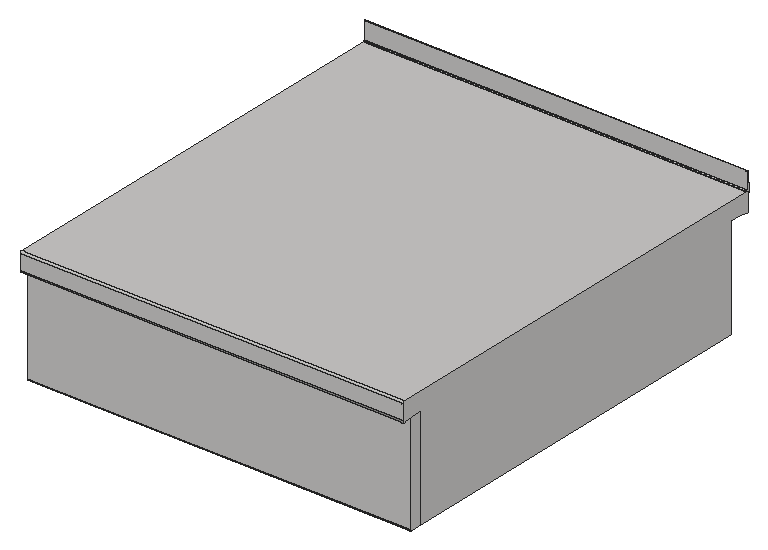
Revit family "QF_ELECTROLUXPROFESSIONAL_589165_MCNABBHOOO", category Specialty Equipment, Revit 2018
Family settings
  Round Connector Dimension = Use Diameter
  Part Type = Normal
  Work Plane-Based = No
  Always vertical = Yes
  Cut with Voids When Loaded = No
  Shared = No
  Room Calculation Point = No
Parameters
  Weight in Pounds = 66.13
  URL Cutsheet = "www.electrolux.com/professional"
  URL = "www.electrolux.com/professional"
  Type Mark [instance] = ""
  Status [instance] = ""
  Specification by User [instance] = ""
  Specification by Manufacturer = ""
  Serial Number = ""
  Seismic Rating = ""
  SMACNA No = ""
  Revision Code [instance] = ""
  Omniclass Number and Title = ""
  NAFEM Spec ID Number = ""
  Model = "589165"
  Masterspec = ""
  Manufacturer = "ELECTROLUX"
  Item Number [instance] = ""
  Installed By [instance] = ""
  Identify Quantity as Lot [instance] = yes
  Furnished By [instance] = ""
  Foodservice Equipment Identifier [instance] = yes
  Direct Waste Size = 0"
  Description = "WORK TOP,CLOSED,1-S,BACKSPL,800X900X250H"
  CSI MasterFormat = ""
  CSI Master Format = ""
Reference planes
  plane 1 "BACK": y = 0
  plane 2: z = 0
  plane 3 "LEFT": x = 0
  plane 4 "RIGHT": x = 800
  plane 5 "FRONT": y = -900
  plane 6 "TOP": z = 250
  plane 7 "Center Y": x = 400
  plane 8 "Center X": y = -450
  plane 9: z = 288
Forms (mm)
  Extrusion 1, solid, material "QF_Finishes_Stainless Steel"
    sketch origin (0, 50.048, 0) x (0, 1, 0) y (0, 0, 1)
      loop
        line (-95.048, 213) -> (-71.412, 213) -> (-54.743, 210.061)
        arc (-54.743, 210.061) -> (-51.477, 210.936) -> (-50.048, 214) r 4
        line (-50.048, 214) -> (-50.048, 246)
        arc (-50.048, 246) -> (-51.22, 248.828) -> (-54.048, 250) r 4
        line (-54.048, 250) -> (-946.048, 250)
        arc (-946.048, 250) -> (-948.877, 248.828) -> (-950.048, 246) r 4
        line (-950.048, 246) -> (-950.048, 214)
        arc (-950.048, 214) -> (-948.619, 210.936) -> (-945.353, 210.061) r 4
        line (-945.353, 210.061) -> (-928.509, 213) -> (-905.048, 213) -> (-905.048, 0) -> (-95.048, 0) -> (-95.048, 213)
    from 0 to 800
  Extrusion 2, solid, material "QF_Finishes_Stainless Steel"
    sketch origin (0, 50.048, 0) x (0, 1, 0) y (0, 0, 1)
      loop
        arc (-928.048, 213) -> (-929.462, 212.414) -> (-930.048, 211) r 2
        line (-930.048, 211) -> (-930.048, 2)
        arc (-930.048, 2) -> (-929.462, 0.586) -> (-928.048, 0) r 2
        line (-928.048, 0) -> (-905.048, 0) -> (-905.048, 213) -> (-928.048, 213)
    from 0 to 800
  Extrusion 3, solid, material "QF_Finishes_Stainless Steel"
    sketch origin (0, -950.048, 0) x (0, -1, 0) y (0, 0, -1)
      loop
        arc (-948.097, -252.006) -> (-947.511, -250.592) -> (-946.097, -250.006) r 2
        arc (-946.097, -250.006) -> (-948.877, -248.828) -> (-950.048, -246) r 4
        line (-950.048, -246) -> (-950.048, -288.006) -> (-948.097, -288.006) -> (-948.097, -252.006)
    from 0 to 800
Lines and regions (mm)
  symbolic lines
    curve 1: line (0, 0, 0) -> (800, 0, 0)
    curve 2: line (0, -900, 0) -> (0, 0, 0)
    curve 3: line (800, -900, 0) -> (0, -900, 0)
    curve 4: line (800, 0, 0) -> (800, -900, 0)
    curve 5: line (0, -1.951, 0) -> (800, -1.951, 0)
Dimensions and locks
  equal spacing: plane 3 "LEFT", plane 7 "Center Y", plane 4 "RIGHT"
  plane 3 "LEFT" to plane 4 "RIGHT" = 800.00 mm
  equal spacing: plane 5 "FRONT", plane 8 "Center X", plane 1 "BACK"
  plane 5 "FRONT" to plane 1 "BACK" = 900.00 mm
  plane 6 "TOP" to level = 250.00 mm
  plane 9 to level = 288.00 mm
  plane 9 to plane 6 "TOP" = 38.00 mm
  aligned and locked: level to plane 2
  aligned and locked: Extrusion 1 to plane 4 "RIGHT"
  aligned and locked: Extrusion 2 to plane 4 "RIGHT"
  aligned and locked: Extrusion 3 to plane 4 "RIGHT"
Automatic sketch dimensions
  Extrusion 1 sketch curve to plane 5 "FRONT" = 0.00 mm
  Extrusion 1 sketch curve to plane 6 "TOP" = 0.00 mm
  Extrusion 1 sketch curve to level = 0.00 mm
  Extrusion 1 sketch curve to plane 1 "BACK" = 0.00 mm
  Extrusion 1 sketch curve to plane 5 "FRONT" = 4.695 mm
  Extrusion 1 sketch curve to plane 6 "TOP" = 39.939 mm
  Extrusion 1 sketch curve to plane 5 "FRONT" = 4.00 mm  (x2)
  Extrusion 1 sketch curve to Extrusion 1 sketch curve = 16.844 mm
  Extrusion 1 sketch curve to plane 5 "FRONT" = 45.00 mm
  plane 1 "BACK" to Extrusion 1 sketch curve = 45.00 mm
  plane 1 "BACK" to Extrusion 1 sketch curve = 21.364 mm
  plane 1 "BACK" to Extrusion 1 sketch curve = 4.00 mm
  plane 1 "BACK" to Extrusion 1 sketch curve = 4.695 mm
  Extrusion 1 sketch curve to Extrusion 1 sketch curve = 0.00 mm  (x2)
  Extrusion 1 sketch curve to Extrusion 1 sketch curve = 4.00 mm
  Extrusion 1 sketch curve to plane 6 "TOP" = 37.00 mm  (x2)
  Extrusion 1 sketch curve to Extrusion 1 sketch curve = 1.00 mm
  Extrusion 2 sketch curve to level = 0.00 mm
  Extrusion 2 sketch curve to plane 5 "FRONT" = 20.00 mm
  level to Extrusion 2 sketch curve = 2.00 mm
  Extrusion 2 sketch curve to Extrusion 2 sketch curve = 2.00 mm
  Extrusion 2 sketch curve to Extrusion 2 sketch curve = 23.00 mm
  Extrusion 2 sketch curve to plane 6 "TOP" = 39.00 mm
  Extrusion 3 sketch curve to plane 1 "BACK" = 0.00 mm  (x2)
  Extrusion 3 sketch curve to plane 6 "TOP" = 2.006 mm
  Extrusion 3 sketch curve to plane 6 "TOP" = 0.00 mm
  Extrusion 3 sketch curve to plane 9 = 0.006 mm
  Extrusion 3 sketch curve to Extrusion 3 sketch curve = 1.951 mm
  Extrusion 3 sketch curve to Extrusion 3 sketch curve = 2.00 mm
  Extrusion 3 sketch curve to Extrusion 3 sketch curve = 0.049 mm
  Extrusion 3 sketch curve to Extrusion 3 sketch curve = 0.00 mm
  plane 1 "BACK" to curve 1 = 0.00 mm
  curve 1 to plane 3 "LEFT" = 0.00 mm
  curve 1 to plane 4 "RIGHT" = 0.00 mm
  plane 5 "FRONT" to curve 4 = 0.00 mm
  curve 5 to curve 1 = 1.951 mm
